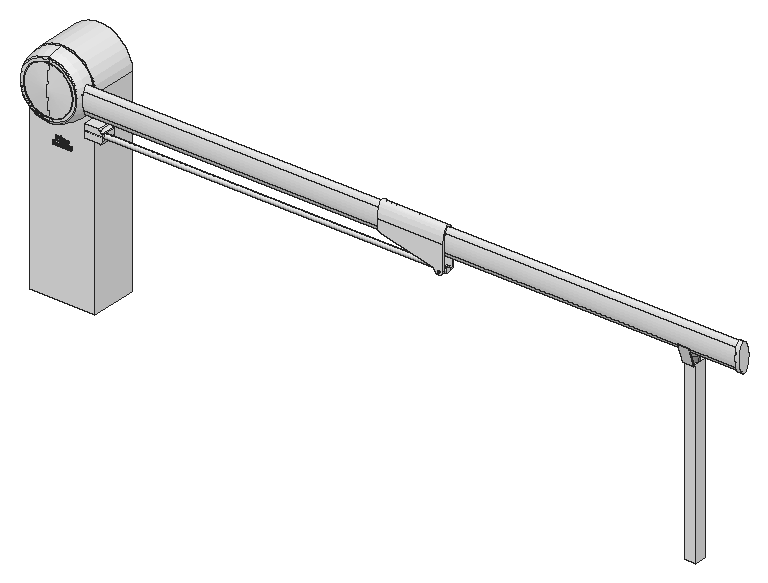
Revit family "Automatic Barrier-Ditec-Qik7EH", category Electrical Fixtures, Revit 2014 (continued)
Definition of nested family "Ditec_Qik7EH_Barrier_Arm"
  Forms (mm)
    Sweep 10, solid, material "Qik7EH_aluminium", visible <- "Closed With Joint", detail levels medium+fine
      profile "Qik7EH_barrier_joint_profile : Qik7EH_barrier_joint_profile" origin (1650, 0, 0) x (0, 0, -1) y (0, -1, 0)
        loop
          spline (0, 28) -> (-17.131, 27.131) -> (-33.147, 24.579) -> (-47.039, 20.478) -> (-57.954, 14.997) -> (-65.25, 8.187) -> (-68, 0) -> (-65.25, -8.187) -> (-57.954, -14.997) -> (-47.039, -20.478) -> (-33.147, -24.579) -> (-17.131, -27.131) -> (0, -28)
          line (0, -28) -> (140, -28) -> (140, -25) -> (0, -25)
    Sweep 11, void
      path origin (0, 0, 0) x (0, 1, 0) y (0, 0, 1)
        loop
          line (28, -110) -> (-28, -110)
      profile origin (0, 0, -110) x (0, 0, -1) y (1, 0, 0)
        loop
          line (50, 1800) -> (0, 1800)
          arc (0, 1800) -> (19.814, 1782.72) -> (5.39, 1760.74) r 20
          arc (5.39, 1760.74) -> (0.916, 1758.082) -> (-1.616, 1753.535) r 10
          line (-1.616, 1753.535) -> (-55.676, 1519.376)
          arc (-55.676, 1519.376) -> (-64.472, 1505.435) -> (-80.035, 1500) r 25
          line (-80.035, 1500) -> (50, 1500) -> (50, 1800)
    Sweep 12, solid, material "Qik7EH_aluminium", visible <- "Opened With Joint", detail levels medium+fine
      path origin (-660, 0, 660) x (1, 0, 0) y (0, 0, 1)
        loop
          line (900, 990) -> (600, 990)
      profile "Qik7EH_barrier_joint_profile : Qik7EH_barrier_joint_profile" origin (90, 0, 1650) x (0, 0, -1) y (0, -1, 0)
        loop
          spline (0, -25) -> (-16.823, -24.148) -> (-32.5, -21.651) -> (-45.962, -17.678) -> (-56.292, -12.5) -> (-62.785, -6.47) -> (-65, 0) -> (-62.785, 6.47) -> (-56.292, 12.5) -> (-45.962, 17.678) -> (-32.5, 21.651) -> (-16.823, 24.148) -> (0, 25)
          line (0, 25) -> (140, 25) -> (140, 28) -> (0, 28)
          spline (0, 28) -> (-17.131, 27.131) -> (-33.147, 24.579) -> (-47.039, 20.478) -> (-57.954, 14.997) -> (-65.25, 8.187) -> (-68, 0) -> (-65.25, -8.187) -> (-57.954, -14.997) -> (-47.039, -20.478) -> (-33.147, -24.579) -> (-17.131, -27.131) -> (0, -28)
          line (0, -28) -> (140, -28) -> (140, -25) -> (0, -25)
    Sweep 13, void
      path origin (-660, 0, 660) x (0, 1, 0) y (0, 0, 1)
        loop
          line (28, 790) -> (-28, 790)
      profile origin (-660, 0, 1450) x (0, 0, -1) y (1, 0, 0)
        loop
          line (-40, 900) -> (-90, 900)
          arc (-90, 900) -> (-70.186, 882.72) -> (-84.61, 860.74) r 20
          arc (-84.61, 860.74) -> (-89.084, 858.082) -> (-91.616, 853.535) r 10
          line (-91.616, 853.535) -> (-145.676, 619.376)
          arc (-145.676, 619.376) -> (-154.472, 605.435) -> (-170.035, 600) r 25
          line (-170.035, 600) -> (-40, 600) -> (-40, 900)
    Sweep 14, solid, material "Qik7EH_aluminium", visible <- "Opened With Joint", detail levels coarse
      path origin (0, 0, 0) x (1, 0, 0) y (0, 0, 1)
        loop
          line (0, 150) -> (0, 1690)
      profile origin (0, 0, 920) x (-1, 0, 0) y (0, -1, 0)
        loop
          line (60, -20) -> (60, 20) -> (-60, 20) -> (-60, -20) -> (60, -20)
    Sweep 15, solid, visible <- "Opened With Joint", detail levels fine
      path origin (0, 0, 0) x (1, 0, 0) y (0, 0, 1)
        loop
          line (80, 1650) -> (1480, 1650)
      profile "Qik7EH_barrier_arm_profile : Qik7EH_barrier_arm_profile" origin (780, 0, 1650) x (0, 0, 1) y (0, -1, 0)
        loop
          spline (40, 14.907) -> (34.279, 16.415) -> (28.051, 17.68) -> (21.409, 18.683) -> (14.451, 19.411) -> (7.279, 19.852) -> (0, 20) -> (-7.279, 19.852) -> (-14.451, 19.411) -> (-21.409, 18.683) -> (-28.051, 17.68) -> (-34.279, 16.415) -> (-40, 14.907)
          spline (-40, 14.907) -> (-45.856, 12.898) -> (-50.813, 10.636) -> (-54.772, 8.165) -> (-57.657, 5.534) -> (-59.411, 2.794) -> (-60, 0) -> (-59.411, -2.794) -> (-57.657, -5.534) -> (-54.772, -8.165) -> (-50.813, -10.636) -> (-45.856, -12.898) -> (-40, -14.907)
          spline (-40, -14.907) -> (-34.279, -16.415) -> (-28.051, -17.68) -> (-21.409, -18.683) -> (-14.451, -19.411) -> (-7.279, -19.852) -> (0, -20) -> (7.279, -19.852) -> (14.451, -19.411) -> (21.409, -18.683) -> (28.051, -17.68) -> (34.279, -16.415) -> (40, -14.907)
          spline (40, -14.907) -> (45.856, -12.898) -> (50.813, -10.636) -> (54.772, -8.165) -> (57.657, -5.534) -> (59.411, -2.794) -> (60, 0) -> (59.411, 2.794) -> (57.657, 5.534) -> (54.772, 8.165) -> (50.813, 10.636) -> (45.856, 12.898) -> (40, 14.907)
    Sweep 16, solid, material "Qik7EH_aluminium", visible <- "Opened With Joint", detail levels fine
      path origin (0, 0, 0) x (1, 0, 0) y (0, 0, 1)
        loop
          line (1500, 1650) -> (1480, 1650)
      profile "Qik7EH_barrier_arm_cap_profile : Qik7EH_barrier_arm_cap_profile" origin (1490, 0, 1650) x (0, 0, -1) y (0, -1, 0)
        loop
          spline (65, 0) -> (62.785, 6.47) -> (56.292, 12.5) -> (45.962, 17.678) -> (32.5, 21.651) -> (16.823, 24.148) -> (0, 25) -> (-16.823, 24.148) -> (-32.5, 21.651) -> (-45.962, 17.678) -> (-56.292, 12.5) -> (-62.785, 6.47) -> (-65, 0)
          spline (-65, 0) -> (-62.785, -6.47) -> (-56.292, -12.5) -> (-45.962, -17.678) -> (-32.5, -21.651) -> (-16.823, -24.148) -> (0, -25) -> (16.823, -24.148) -> (32.5, -21.651) -> (45.962, -17.678) -> (56.292, -12.5) -> (62.785, -6.47) -> (65, 0)
    Sweep 17, solid, material "Qik7EH_aluminium", visible <- "Opened With Joint", detail levels medium
      path origin (0, 0, 0) x (1, 0, 0) y (0, 0, 1)
        loop
          line (0, 150) -> (0, 1690)
      profile "Qik7EH_barrier_arm_profile : Qik7EH_barrier_arm_profile" origin (0, 0, 920) x (-1, 0, 0) y (0, -1, 0)
        loop
          spline (40, 14.907) -> (34.279, 16.415) -> (28.051, 17.68) -> (21.409, 18.683) -> (14.451, 19.411) -> (7.279, 19.852) -> (0, 20) -> (-7.279, 19.852) -> (-14.451, 19.411) -> (-21.409, 18.683) -> (-28.051, 17.68) -> (-34.279, 16.415) -> (-40, 14.907)
          spline (-40, 14.907) -> (-45.856, 12.898) -> (-50.813, 10.636) -> (-54.772, 8.165) -> (-57.657, 5.534) -> (-59.411, 2.794) -> (-60, 0) -> (-59.411, -2.794) -> (-57.657, -5.534) -> (-54.772, -8.165) -> (-50.813, -10.636) -> (-45.856, -12.898) -> (-40, -14.907)
          spline (-40, -14.907) -> (-34.279, -16.415) -> (-28.051, -17.68) -> (-21.409, -18.683) -> (-14.451, -19.411) -> (-7.279, -19.852) -> (0, -20) -> (7.279, -19.852) -> (14.451, -19.411) -> (21.409, -18.683) -> (28.051, -17.68) -> (34.279, -16.415) -> (40, -14.907)
          spline (40, -14.907) -> (45.856, -12.898) -> (50.813, -10.636) -> (54.772, -8.165) -> (57.657, -5.534) -> (59.411, -2.794) -> (60, 0) -> (59.411, 2.794) -> (57.657, 5.534) -> (54.772, 8.165) -> (50.813, 10.636) -> (45.856, 12.898) -> (40, 14.907)
    Sweep 18, solid, material "Qik7EH_aluminium", visible <- "Opened With Joint", detail levels medium
      path origin (0, 0, 0) x (1, 0, 0) y (0, 0, 1)
        loop
          line (80, 1650) -> (1500, 1650)
      profile "Qik7EH_barrier_arm_profile : Qik7EH_barrier_arm_profile" origin (790, 0, 1650) x (0, 0, 1) y (0, -1, 0)
        loop
          spline (40, 14.907) -> (34.279, 16.415) -> (28.051, 17.68) -> (21.409, 18.683) -> (14.451, 19.411) -> (7.279, 19.852) -> (0, 20) -> (-7.279, 19.852) -> (-14.451, 19.411) -> (-21.409, 18.683) -> (-28.051, 17.68) -> (-34.279, 16.415) -> (-40, 14.907)
          spline (-40, 14.907) -> (-45.856, 12.898) -> (-50.813, 10.636) -> (-54.772, 8.165) -> (-57.657, 5.534) -> (-59.411, 2.794) -> (-60, 0) -> (-59.411, -2.794) -> (-57.657, -5.534) -> (-54.772, -8.165) -> (-50.813, -10.636) -> (-45.856, -12.898) -> (-40, -14.907)
          spline (-40, -14.907) -> (-34.279, -16.415) -> (-28.051, -17.68) -> (-21.409, -18.683) -> (-14.451, -19.411) -> (-7.279, -19.852) -> (0, -20) -> (7.279, -19.852) -> (14.451, -19.411) -> (21.409, -18.683) -> (28.051, -17.68) -> (34.279, -16.415) -> (40, -14.907)
          spline (40, -14.907) -> (45.856, -12.898) -> (50.813, -10.636) -> (54.772, -8.165) -> (57.657, -5.534) -> (59.411, -2.794) -> (60, 0) -> (59.411, 2.794) -> (57.657, 5.534) -> (54.772, 8.165) -> (50.813, 10.636) -> (45.856, 12.898) -> (40, 14.907)
    Sweep 19, solid, visible <- "Opened With Joint", detail levels fine
      path origin (0, 0, 0) x (1, 0, 0) y (0, 0, 1)
        loop
          line (0, 150) -> (0, 1690)
      profile "Qik7EH_barrier_arm_profile : Qik7EH_barrier_arm_profile" origin (0, 0, 920) x (-1, 0, 0) y (0, -1, 0)
        loop
          spline (40, 14.907) -> (34.279, 16.415) -> (28.051, 17.68) -> (21.409, 18.683) -> (14.451, 19.411) -> (7.279, 19.852) -> (0, 20) -> (-7.279, 19.852) -> (-14.451, 19.411) -> (-21.409, 18.683) -> (-28.051, 17.68) -> (-34.279, 16.415) -> (-40, 14.907)
          spline (-40, 14.907) -> (-45.856, 12.898) -> (-50.813, 10.636) -> (-54.772, 8.165) -> (-57.657, 5.534) -> (-59.411, 2.794) -> (-60, 0) -> (-59.411, -2.794) -> (-57.657, -5.534) -> (-54.772, -8.165) -> (-50.813, -10.636) -> (-45.856, -12.898) -> (-40, -14.907)
          spline (-40, -14.907) -> (-34.279, -16.415) -> (-28.051, -17.68) -> (-21.409, -18.683) -> (-14.451, -19.411) -> (-7.279, -19.852) -> (0, -20) -> (7.279, -19.852) -> (14.451, -19.411) -> (21.409, -18.683) -> (28.051, -17.68) -> (34.279, -16.415) -> (40, -14.907)
          spline (40, -14.907) -> (45.856, -12.898) -> (50.813, -10.636) -> (54.772, -8.165) -> (57.657, -5.534) -> (59.411, -2.794) -> (60, 0) -> (59.411, 2.794) -> (57.657, 5.534) -> (54.772, 8.165) -> (50.813, 10.636) -> (45.856, 12.898) -> (40, 14.907)
    Sweep 20, solid, material "Qik7EH_aluminium", visible <- "Opened With Joint", detail levels coarse
      path origin (0, 0, 0) x (1, 0, 0) y (0, 0, 1)
        loop
          line (80, 1650) -> (1500, 1650)
      profile origin (790, 0, 1650) x (0, 0, 1) y (0, -1, 0)
        loop
          line (60, 0) -> (60, 20) -> (-60, 20) -> (-60, -20) -> (60, -20) -> (60, 0)
    Sweep 21, solid, material "Qik7EH_aluminium", visible <- "Closed Barrier Arm", detail levels medium
      path origin (0, 0, 0) x (1, 0, 0) y (0, 0, 1)
        loop
          line (150, 0) -> (3150, 0)
      profile "Qik7EH_barrier_arm_profile : Qik7EH_barrier_arm_profile" origin (1650, 0, 0) x (0, 0, 1) y (0, -1, 0)
        loop
          spline (40, 14.907) -> (34.279, 16.415) -> (28.051, 17.68) -> (21.409, 18.683) -> (14.451, 19.411) -> (7.279, 19.852) -> (0, 20) -> (-7.279, 19.852) -> (-14.451, 19.411) -> (-21.409, 18.683) -> (-28.051, 17.68) -> (-34.279, 16.415) -> (-40, 14.907)
          spline (-40, 14.907) -> (-45.856, 12.898) -> (-50.813, 10.636) -> (-54.772, 8.165) -> (-57.657, 5.534) -> (-59.411, 2.794) -> (-60, 0) -> (-59.411, -2.794) -> (-57.657, -5.534) -> (-54.772, -8.165) -> (-50.813, -10.636) -> (-45.856, -12.898) -> (-40, -14.907)
          spline (-40, -14.907) -> (-34.279, -16.415) -> (-28.051, -17.68) -> (-21.409, -18.683) -> (-14.451, -19.411) -> (-7.279, -19.852) -> (0, -20) -> (7.279, -19.852) -> (14.451, -19.411) -> (21.409, -18.683) -> (28.051, -17.68) -> (34.279, -16.415) -> (40, -14.907)
          spline (40, -14.907) -> (45.856, -12.898) -> (50.813, -10.636) -> (54.772, -8.165) -> (57.657, -5.534) -> (59.411, -2.794) -> (60, 0) -> (59.411, 2.794) -> (57.657, 5.534) -> (54.772, 8.165) -> (50.813, 10.636) -> (45.856, 12.898) -> (40, 14.907)
    Sweep 22, solid, visible <- "Opened With Joint", detail levels fine
      path origin (0, 0, 0) x (1, 0, 0) y (0, 0, 1)
        loop
          line (0, 150) -> (0, 1690)
      profile "Qik7EH_barrier_arm_profile : Qik7EH_barrier_arm_profile" origin (0, 0, 920) x (-1, 0, 0) y (0, -1, 0)
        loop
          spline (40, 14.907) -> (34.279, 16.415) -> (28.051, 17.68) -> (21.409, 18.683) -> (14.451, 19.411) -> (7.279, 19.852) -> (0, 20) -> (-7.279, 19.852) -> (-14.451, 19.411) -> (-21.409, 18.683) -> (-28.051, 17.68) -> (-34.279, 16.415) -> (-40, 14.907)
          spline (-40, 14.907) -> (-45.856, 12.898) -> (-50.813, 10.636) -> (-54.772, 8.165) -> (-57.657, 5.534) -> (-59.411, 2.794) -> (-60, 0) -> (-59.411, -2.794) -> (-57.657, -5.534) -> (-54.772, -8.165) -> (-50.813, -10.636) -> (-45.856, -12.898) -> (-40, -14.907)
          spline (-40, -14.907) -> (-34.279, -16.415) -> (-28.051, -17.68) -> (-21.409, -18.683) -> (-14.451, -19.411) -> (-7.279, -19.852) -> (0, -20) -> (7.279, -19.852) -> (14.451, -19.411) -> (21.409, -18.683) -> (28.051, -17.68) -> (34.279, -16.415) -> (40, -14.907)
          spline (40, -14.907) -> (45.856, -12.898) -> (50.813, -10.636) -> (54.772, -8.165) -> (57.657, -5.534) -> (59.411, -2.794) -> (60, 0) -> (59.411, 2.794) -> (57.657, 5.534) -> (54.772, 8.165) -> (50.813, 10.636) -> (45.856, 12.898) -> (40, 14.907)
    Sweep 23, solid, material "Qik7EH_aluminium", visible <- "Closed With Joint", detail levels coarse
      path origin (0, 0, 0) x (1, 0, 0) y (0, 0, 1)
        loop
          line (1500, 0) -> (1800, 0)
      profile origin (1650, 0, 0) x (0, 0, 1) y (0, -1, 0)
        loop
          line (68, -28) -> (68, 28) -> (-130, 28) -> (-130, -28) -> (68, -28)
    Sweep 24, solid, material "Qik7EH_aluminium", visible <- "Opened With Joint", detail levels coarse
      path origin (0, 0, 0) x (1, 0, 0) y (0, 0, 1)
        loop
          line (240, 1650) -> (-60, 1650)
      profile origin (90, 0, 1650) x (0, 0, -1) y (0, -1, 0)
        loop
          line (130, -28) -> (130, 28) -> (-68, 28) -> (-68, -28) -> (130, -28)
    Sweep 25, solid, material "Qik7EH_aluminium", visible <- "Closed With Joint"
      path origin (0, 0, 0) x (1, 0, 0) y (0, 0, 1)
        loop
          line (1800, -116.233) -> (150, -116.233)
      profile origin (975, 0, -116.233) x (0, 0, -1) y (0, -1, 0)
        loop
          circle (0, 0) r 10
    Sweep 26, solid, material "Qik7EH_aluminium", visible <- "Closed With Joint", detail levels medium+fine
      path origin (0, 0, 0) x (1, 0, 0) y (0, 1, 0)
        loop
          line (1753.535, -30.009) -> (1753.535, 29.991)
      profile origin (1753.535, -0.009, 0) x (-1, 0, 0) y (0, 0, 1)
        loop
          circle (-27.05, -116.233) r 4
    Sweep 27, solid, material "Qik7EH_aluminium", visible <- "Opened With Joint"
      path origin (0, 0, 0) x (1, 0, 0) y (0, 0, 1)
        loop
          line (220.585, 1537.767) -> (220.585, -116.233)
      profile origin (220.585, 0, 710.767) x (0, -1, 0) y (1, 0, 0)
        loop
          circle (0, 0) r 10
    Sweep 28, solid, material "Qik7EH_aluminium", visible <- "With Joint", detail levels medium+fine
      path origin (1026.585, -1524, -116.233) x (0, -1, 0) y (1, 0, 0)
        loop
          line (-1574.4, -876.585) -> (-1512.327, -876.585)
      profile origin (150, 19.364, -116.233) x (1, 0, 0) y (0, 0, 1)
        loop
          line (0, 25) -> (0, -35) -> (70, -35)
          arc (70, -35) -> (80.607, -30.607) -> (85, -20) r 15
          line (85, -20) -> (85, 7.223)
          arc (85, 7.223) -> (84.162, 9.588) -> (82.021, 10.896) r 3.755
          arc (82.021, 10.896) -> (74.844, 14.771) -> (70.918, 21.921) r 14.415
          arc (70.918, 21.921) -> (69.548, 24.135) -> (67.093, 25) r 3.916
          line (67.093, 25) -> (0, 25)
    Sweep 29, solid, material "Qik7EH_aluminium", visible <- "Opened With Joint", detail levels medium+fine
      path origin (220.585, -1524, 779.767) x (0, 0, 1) y (0, -1, 0)
        loop
          line (754, -1554) -> (754, -1494)
      profile origin (220.585, 0, 1533.767) x (0, 0, -1) y (1, 0, 0)
        loop
          circle (0, 0) r 4
  Cuts and joins
    Sweep 11, Sweep 13 cuts Sweep 10
    Sweep 13 cuts Sweep 1
    Sweep 13 cuts Sweep 12
  Lines and regions (mm)
    Masking region 1, visible <- "Opened Without Joint"
      outline origin (0, 0, 0) x (1, 0, 0) y (0, 0, 1)
        loop
          line (-60, 150) -> (60, 150) -> (60, 3130) -> (65, 3130) -> (65, 3150) -> (-65, 3150) -> (-65, 3130) -> (-60, 3130) -> (-60, 150)
    Masking region 2, visible <- "Closed Barrier Arm"
      outline origin (0, 0, 0) x (1, 0, 0) y (0, 0, 1)
        loop
          line (3130, 60) -> (1800, 60) -> (1500, 60) -> (150, 60) -> (150, -60) -> (1543.962, -60) -> (1800, -60) -> (3130, -60) -> (3130, -65) -> (3150, -65) -> (3150, 65) -> (3130, 65) -> (3130, 60)
    Masking region 3, visible <- "Closed With Joint", detail levels medium+fine
      outline origin (0, 0, 0) x (1, 0, 0) y (0, 0, 1)
        loop
          line (1519.376, -54.324) -> (1753.535, -108.384)
          arc (1753.535, -108.384) -> (1758.082, -110.916) -> (1760.74, -115.39) r 10
          arc (1760.74, -115.39) -> (1782.72, -129.814) -> (1800, -110) r 20
          line (1800, -110) -> (1800, 68) -> (1500, 68) -> (1500, -29.965)
          arc (1500, -29.965) -> (1505.435, -45.528) -> (1519.376, -54.324) r 25
    Masking region 4, visible <- "Closed With Joint", detail levels coarse
      outline origin (0, 0, 0) x (1, 0, 0) y (0, 0, 1)
        loop
          line (1500, 68) -> (1500, -130) -> (1800, -130) -> (1800, 68) -> (1500, 68)
    Masking region 5, visible <- "With Joint"
      outline origin (0, 0, 0) x (1, 0, 0) y (0, 0, 1)
        loop
          line (150, -151.233) -> (220, -151.233)
          arc (220, -151.233) -> (230.607, -146.84) -> (235, -136.233) r 15
          line (235, -136.233) -> (235, -109.011)
          arc (235, -109.011) -> (234.162, -106.646) -> (232.021, -105.337) r 3.755
          arc (232.021, -105.337) -> (224.844, -101.462) -> (220.918, -94.313) r 14.415
          arc (220.918, -94.313) -> (219.548, -92.099) -> (217.093, -91.233) r 3.916
          line (217.093, -91.233) -> (150, -91.233) -> (150, -151.233)
    Masking region 6, visible <- "Closed With Joint", detail levels medium+fine
      outline origin (0, 0, 0) x (1, 0, 0) y (0, 0, 1)
        loop
          line (235, -106.233) -> (235, -126.233) -> (1768.318, -126.233)
          arc (1768.318, -126.233) -> (1763.606, -121.456) -> (1760.74, -115.39) r 20
          arc (1760.74, -115.39) -> (1758.082, -110.916) -> (1753.535, -108.384) r 10
          line (1753.535, -108.384) -> (1744.22, -106.233) -> (235, -106.233)
    Masking region 7, visible <- "Opened With Joint"
      outline origin (0, 0, 0) x (1, 0, 0) y (0, 0, 1)
        loop
          line (210.585, 1520) -> (210.585, -91.233) -> (217.093, -91.233)
          arc (217.093, -91.233) -> (219.548, -92.099) -> (220.918, -94.313) r 3.916
          arc (220.918, -94.313) -> (224.33, -100.925) -> (230.585, -104.955) r 14.415
          line (230.585, -104.955) -> (230.585, 1520) -> (210.585, 1520)
    Masking region 8, visible <- "Opened With Joint", detail levels medium+fine
      outline origin (0, 0, 0) x (1, 0, 0) y (0, 0, 1)
        loop
          line (-40.624, 1595.676) -> (193.535, 1541.616)
          arc (193.535, 1541.616) -> (198.082, 1539.084) -> (200.74, 1534.61) r 10
          arc (200.74, 1534.61) -> (222.72, 1520.186) -> (240, 1540) r 20
          line (240, 1540) -> (240, 1718) -> (-60, 1718) -> (-60, 1620.035)
          arc (-60, 1620.035) -> (-54.565, 1604.472) -> (-40.624, 1595.676) r 25
    Masking region 9, visible <- "Opened With Joint", detail levels coarse
      outline origin (0, 0, 0) x (1, 0, 0) y (0, 0, 1)
        loop
          line (-60, 1520) -> (240, 1520) -> (240, 1718) -> (-60, 1718) -> (-60, 1520)
    Masking region 10, visible <- "Opened With Joint", detail levels medium+fine
      outline origin (0, 0, 0) x (1, 0, 0) y (0, 0, 1)
        loop
          line (-60, 150) -> (60, 150) -> (60, 1572.445) -> (-40.624, 1595.676)
          arc (-40.624, 1595.676) -> (-54.565, 1604.472) -> (-60, 1620.035) r 25
          line (-60, 1620.035) -> (-60, 150)
    Masking region 11, visible <- "Opened With Joint"
      outline origin (0, 0, 0) x (1, 0, 0) y (0, 0, 1)
        loop
          line (240, 1710) -> (240, 1590) -> (1480, 1590) -> (1480, 1585) -> (1500, 1585) -> (1500, 1715) -> (1480, 1715) -> (1480, 1710) -> (240, 1710)
    Masking region 12, visible <- "Opened With Joint", detail levels coarse
      outline origin (0, 0, 0) x (1, 0, 0) y (0, 0, 1)
        loop
          line (-60, 150) -> (60, 150) -> (60, 1520) -> (-60, 1520) -> (-60, 150)
    Masking region 13, visible <- "Closed With Joint", detail levels coarse
      outline origin (0, 0, 0) x (1, 0, 0) y (0, 0, 1)
        loop
          line (235, -126.233) -> (1500, -126.233) -> (1500, -106.233) -> (235, -106.233) -> (235, -126.233)
    Masking region 14, visible <- "Closed Barrier Arm", detail levels medium+fine
      outline origin (0, 0, 0) x (0, 1, 0) y (0, 0, 1)
        loop
          spline (0, -60) -> (5.176, -57.956) -> (10, -51.962) -> (14.142, -42.426) -> (17.321, -30) -> (19.319, -15.529) -> (20, 0) -> (19.319, 15.529) -> (17.321, 30) -> (14.142, 42.426) -> (10, 51.962) -> (5.176, 57.956) -> (0, 60)
          spline (0, 60) -> (-5.176, 57.956) -> (-10, 51.962) -> (-14.142, 42.426) -> (-17.321, 30) -> (-19.319, 15.529) -> (-20, 0) -> (-19.319, -15.529) -> (-17.321, -30) -> (-14.142, -42.426) -> (-10, -51.962) -> (-5.176, -57.956) -> (0, -60)
    Masking region 15, visible <- "Closed Barrier Arm", detail levels coarse
      outline origin (0, 0, 0) x (0, 1, 0) y (0, 0, 1)
        loop
          line (20, 60) -> (-20, 60) -> (-20, -60) -> (20, -60) -> (20, 60)
    Masking region 16, visible <- "Closed Barrier Arm"
      outline origin (0, 0, 0) x (1, 0, 0) y (0, 1, 0)
        loop
          line (3130, 20) -> (150, 20) -> (150, -20) -> (3130, -20) -> (3130, -25) -> (3150, -25) -> (3150, 25) -> (3130, 25) -> (3130, 20)
    Masking region 17, visible <- "Closed With Joint"
      outline origin (0, 0, 0) x (1, 0, 0) y (0, 1, 0)
        loop
          line (1500, 28) -> (1500, -28) -> (1800, -28) -> (1800, 28) -> (1500, 28)
    Masking region 18, visible <- "Opened With Joint"
      outline origin (0, 0, 0) x (1, 0, 0) y (0, 1, 0)
        loop
          line (240, -20) -> (1480, -20) -> (1480, -25) -> (1500, -25) -> (1500, 25) -> (1480, 25) -> (1480, 20) -> (240, 20) -> (240, -20)
    Masking region 19, visible <- "Opened With Joint"
      outline origin (0, 0, 0) x (1, 0, 0) y (0, 1, 0)
        loop
          line (-60, 28) -> (-60, -28) -> (240, -28) -> (240, 28) -> (-60, 28)
    Masking region 20, visible <- "Opened Without Joint", detail levels medium+fine
      outline origin (0, 0, 0) x (1, 0, 0) y (0, 1, 0)
        loop
          spline (60, 0) -> (57.956, 5.176) -> (51.962, 10) -> (42.426, 14.142) -> (30, 17.321) -> (15.529, 19.319) -> (0, 20) -> (-15.529, 19.319) -> (-30, 17.321) -> (-42.426, 14.142) -> (-51.962, 10) -> (-57.956, 5.176) -> (-60, 0)
          spline (-60, 0) -> (-57.956, -5.176) -> (-51.962, -10) -> (-42.426, -14.142) -> (-30, -17.321) -> (-15.529, -19.319) -> (0, -20) -> (15.529, -19.319) -> (30, -17.321) -> (42.426, -14.142) -> (51.962, -10) -> (57.956, -5.176) -> (60, 0)
    Masking region 21, visible <- "Opened Without Joint", detail levels coarse
      outline origin (0, 0, 0) x (1, 0, 0) y (0, 1, 0)
        loop
          line (-60, -20) -> (60, -20) -> (60, 20) -> (-60, 20) -> (-60, -20)
    Masking region 22, visible <- "Opened Without Joint"
      outline origin (0, 0, 0) x (0, 1, 0) y (0, 0, 1)
        loop
          line (20, 150) -> (20, 3130) -> (25, 3130) -> (25, 3150) -> (-25, 3150) -> (-25, 3130) -> (-20, 3130) -> (-20, 150) -> (20, 150)
    Masking region 23, visible <- "Opened With Joint"
      outline origin (0, 0, 0) x (0, 1, 0) y (0, 0, 1)
        loop
          line (20, 150) -> (20, 1580) -> (-20, 1580) -> (-20, 150) -> (20, 150)
    Masking region 24, visible <- "Opened With Joint", detail levels medium+fine
      outline origin (0, 0, 1050) x (0, 1, 0) y (0, 0, 1)
        loop
          spline (0, 540) -> (5.176, 542.044) -> (10, 548.038) -> (14.142, 557.574) -> (17.321, 570) -> (19.319, 584.471) -> (20, 600) -> (19.319, 615.529) -> (17.321, 630) -> (14.142, 642.426) -> (10, 651.962) -> (5.176, 657.956) -> (0, 660)
          spline (0, 660) -> (-5.176, 657.956) -> (-10, 651.962) -> (-14.142, 642.426) -> (-17.321, 630) -> (-19.319, 615.529) -> (-20, 600) -> (-19.319, 584.471) -> (-17.321, 570) -> (-14.142, 557.574) -> (-10, 548.038) -> (-5.176, 542.044) -> (0, 540)
    Masking region 25, visible <- "Opened With Joint", detail levels coarse
      outline origin (0, 0, 1050) x (0, 1, 0) y (0, 0, 1)
        loop
          line (28, 668) -> (-28, 668) -> (-28, 470) -> (28, 470) -> (28, 668)
    Masking region 26, visible <- "Opened With Joint", detail levels coarse
      outline origin (0, 0, 1050) x (0, 1, 0) y (0, 0, 1)
        loop
          line (20, 660) -> (-20, 660) -> (-20, 540) -> (20, 540) -> (20, 660)
    Masking region 27, visible <- "Opened With Joint", detail levels medium+fine
      outline origin (0, 0, 1050) x (0, 1, 0) y (0, 0, 1)
        loop
          line (-28, 600) -> (-28, 470) -> (-25, 470) -> (-25, 600)
          spline (-25, 600) -> (-24.148, 616.823) -> (-21.651, 632.5) -> (-17.678, 645.962) -> (-12.5, 656.292) -> (-6.47, 662.785) -> (0, 665) -> (6.47, 662.785) -> (12.5, 656.292) -> (17.678, 645.962) -> (21.651, 632.5) -> (24.148, 616.823) -> (25, 600)
          line (25, 600) -> (25, 470) -> (28, 470) -> (28, 600)
          spline (28, 600) -> (27.131, 617.131) -> (24.579, 633.147) -> (20.478, 647.039) -> (14.997, 657.954) -> (8.187, 665.25) -> (0, 668) -> (-8.187, 665.25) -> (-14.997, 657.954) -> (-20.478, 647.039) -> (-24.579, 633.147) -> (-27.131, 617.131) -> (-28, 600)
        loop
          circle (0, 483.767) r 10
    Masking region 28, detail levels medium+fine
      outline origin (150, 260.4, 0) x (1, 0, 0) y (0, 1, 0)
        loop
          line (-300, 0) -> (-300, -210) -> (-285.225, -210) -> (-285.225, -215.405) -> (-297.225, -215.405)
          arc (-297.225, -215.405) -> (-292.3, -252.08) -> (-280.632, -287.197) r 197.831
          arc (-280.632, -287.197) -> (-279.148, -288.947) -> (-276.948, -289.601) r 4.024
          line (-276.948, -289.601) -> (-259.425, -289.601)
          arc (-259.425, -289.601) -> (-204.93, -296.977) -> (-150, -299.595) r 633.049
          arc (-150, -299.595) -> (-95.07, -296.977) -> (-40.575, -289.601) r 633.049
          line (-40.575, -289.601) -> (-23.052, -289.601)
          arc (-23.052, -289.601) -> (-20.852, -288.947) -> (-19.368, -287.197) r 4.024
          arc (-19.368, -287.197) -> (-7.7, -252.08) -> (-2.775, -215.405) r 197.831
          line (-2.775, -215.405) -> (-14.775, -215.405) -> (-14.775, -210) -> (0, -210) -> (0, 0) -> (-70, 0) -> (-70, 2.22)
          arc (-70, 2.22) -> (-70.803, 4.246) -> (-72.775, 5.173) r 2.96
          arc (-72.775, 5.173) -> (-101.286, 8.791) -> (-130, 10) r 341.651
          line (-130, 10) -> (-150, 10) -> (-170, 10)
          arc (-170, 10) -> (-198.714, 8.791) -> (-227.225, 5.173) r 341.651
          arc (-227.225, 5.173) -> (-229.197, 4.246) -> (-230, 2.22) r 2.96
          line (-230, 2.22) -> (-230, 0) -> (-300, 0)
    Masking region 29, detail levels coarse
      outline origin (150, 260.4, 0) x (1, 0, 0) y (0, 1, 0)
        loop
          line (-300, 0) -> (-300, -299.595) -> (0, -299.595) -> (0, 0) -> (-300, 0)
    Masking region 30, visible <- "Closed Barrier Arm", detail levels medium+fine
      outline origin (0, 0, 0) x (1, 0, 0) y (0, 1, 0)
        loop
          arc (142.681, 10) -> (140.166, -0.073) -> (137.126, -10) r 197.831
          line (137.126, -10) -> (150, -10) -> (150, 10) -> (142.681, 10)
    symbolic lines, visible <- "Closed Barrier Arm", detail levels fine
      curve 1: line (3130, 0, 60) -> (3130, 0, -60)
      curve 5: line (3130, 0, 60) -> (3130, 0, -60)
      curve 13: line (3130, 0, 40) -> (150, 0, 40)
      curve 14: line (3130, 0, -40) -> (150, 0, -40)
      curve 15: line (3130, -20, 0) -> (3130, 20, 0)
    symbolic lines, visible <- "Opened Without Joint", detail levels fine
      curve 2: line (-60, 0, 3130) -> (60, 0, 3130)
      curve 3: line (-40, 0, 3130) -> (-40, 0, 150)
      curve 4: line (40, 0, 3130) -> (40, 0, 150)
      curve 17: line (0, 20, 3130) -> (0, -20, 3130)
    symbolic lines, visible <- "Closed With Joint", detail levels fine
      curve 6: circle (1780.585, 0, -116.233) r 4 normal (0, -1, 0)
    symbolic lines, visible <- "Opened With Joint", detail levels fine
      curve 7: circle (220.585, 0, 1533.767) r 4 normal (0, -1, 0)
      curve 8: line (1480, 0, 1710) -> (1480, 0, 1590)
      curve 9: line (1480, 0, 1690) -> (240, 0, 1690)
      curve 10: line (1480, 0, 1610) -> (240, 0, 1610)
      curve 11: line (-40, 0, 150) -> (-40, 0, 1595.532)
      curve 12: line (40, 0, 150) -> (40, 0, 1577.063)
      curve 16: line (1480, -20, 0) -> (1480, 20, 0)
      curve 18: line (0, 29.991, 1529.767) -> (0, 29.991, 1537.767)
      curve 19: line (0, -30.009, 1529.767) -> (0, -30.009, 1537.767)
      curve 20: line (0, 29.991, 1537.767) -> (0, 28, 1537.767)
      curve 21: line (0, 29.991, 1529.767) -> (0, 28, 1529.767)
      curve 22: line (0, 25, 1537.767) -> (0, 9.165, 1537.767)
      curve 23: line (0, 25, 1529.767) -> (0, 9.165, 1529.767)
      curve 24: line (0, -28, 1537.767) -> (0, -30.009, 1537.767)
      curve 25: line (0, -28, 1529.767) -> (0, -30.009, 1529.767)
      curve 26: line (0, -9.165, 1537.767) -> (0, -25, 1537.767)
      curve 27: line (0, -9.165, 1529.767) -> (0, -25, 1529.767)
    symbolic lines, detail levels medium+fine
      curve 28: line (-80, 260.4, 0) -> (80, 260.4, 0)
      curve 31: line (-135.225, 44.995, 0) -> (134.775, 44.995, 0)
    symbolic lines, detail levels fine
      curve 29: line (-77.225, 265.573, 0) -> (77.225, 265.573, 0)
      curve 30: line (-135.225, 50.4, 0) -> (135.225, 50.4, 0)
      curve 32: line (-109.425, -29.201, 0) -> (109.425, -29.201, 0)
  Dimensions and locks
    locked: plane 3 "Center (Left/Right)" to plane 4 at 150
    locked: plane 1 "Center (Front/Back)" to plane 5 at 260
    "Arm Length Constraint": plane 4 to plane 6
    locked: Sweep 1 sketch curve to plane 6 at 20
    locked: Sweep 2 sketch curve to plane 6 at 20
    locked: plane 4 to Sweep 3 sketch curve at 70
    locked: plane 4 to plane 3 "Center (Left/Right)" at 150
    locked: plane 8 to plane 2 at 150
    "Arm Length Constraint": plane 9 to plane 8
    locked: plane 9 to Sweep 5 sketch curve at 20
    locked: plane 9 to Sweep 6 sketch curve at 20
    locked: plane 9 to Masking region 1 at 20
    equal spacing: Sweep 11 sketch curve, plane 1 "Center (Front/Back)", Sweep 11 sketch curve, locked at 28 each
    locked: plane 7 to Sweep 11 sketch curve at 110
    plane 10 to plane 12 to plane 11 = 150 mm locked, 150 mm locked
    equal spacing: plane 6, plane 12, plane 4
    Sweep 13 sketch curve to Sweep 13 sketch curve = 56 mm
    "Arm_Length/2": plane 13 to plane 8
    "Arm_Length/2": plane 14 to plane 3 "Center (Left/Right)"
    locked: plane 3 "Center (Left/Right)" to Sweep 12 sketch curve at 60
    locked: Sweep 12 sketch curve to plane 3 "Center (Left/Right)" at 240
    locked: Sweep 13 sketch curve to plane 13 at 200
    locked: Sweep 14 sketch curve to plane 13 at 40
    Sweep 15 sketch curve to plane 3 "Center (Left/Right)" = 80 mm
    locked: plane 14 to Sweep 15 sketch curve at 20
    locked: plane 14 to Sweep 16 sketch curve at 20
    locked: plane 4 to Sweep 20 sketch curve at 70
    locked: plane 4 to Sweep 18 sketch curve at 70
    locked: Sweep 17 sketch curve to plane 13 at 40
    locked: plane 4 to Sweep 17 sketch curve at 150
    Sweep 24 sketch curve to plane 4 to Sweep 24 sketch curve = 90 mm locked, 210 mm locked
    locked: Sweep 26 sketch curve to plane 10 at 46.465
    locked: plane 13 to Sweep 27 sketch curve at 112.233
    locked: plane 17 to Sweep 9 at 40.4
    locked: plane 16 to plane 3 "Center (Left/Right)" at 220.585
    locked: plane 13 to plane 18 at 116.233
    Sweep 29 sketch curve to plane 1 "Center (Front/Back)" to Sweep 29 sketch curve = 30 mm locked, 30 mm locked
    locked: plane 2 to plane 19 at 116.233
    locked: plane 10 to plane 20 at 19.415
    Masking region 11 sketch curve to plane 4 = 90 mm
    locked: plane 14 to Sweep 16 at 20
    locked: plane 13 to Masking region 7 sketch curve at 130
    locked: plane 13 to Masking region 10 sketch curve at 29.965
    locked: plane 13 to Masking region 10 sketch curve at 77.555
    locked: Masking region 11 sketch curve to plane 3 "Center (Left/Right)" at 240
    locked: plane 13 to Masking region 12 sketch curve at 130
    locked: plane 4 to Masking region 18 sketch curve at 90
    locked: plane 13 to Masking region 23 sketch curve at 70
    aligned and locked: level to plane 2
    aligned and locked: plane 1 "Center (Front/Back)" to Sweep 1 sketch curve
    aligned and locked: Sweep 2 sketch curve to plane 1 "Center (Front/Back)"
    aligned and locked: plane 7 to Sweep 3 sketch curve
    aligned and locked: plane 1 "Center (Front/Back)" to Sweep 4 sketch curve
    aligned and locked: plane 3 "Center (Left/Right)" to Sweep 5 sketch curve
    aligned and locked: plane 8 to Sweep 5 sketch curve
    aligned and locked: Sweep 6 sketch curve to plane 3 "Center (Left/Right)"
    aligned and locked: plane 3 "Center (Left/Right)" to Sweep 7 sketch curve
    aligned and locked: plane 3 "Center (Left/Right)" to Sweep 8 sketch curve
    aligned and locked: Sweep 9 sketch curve to plane 3 "Center (Left/Right)"
    aligned and locked: plane 9 to Masking region 1
    aligned and locked: Sweep 10 sketch curve to plane 7
    aligned and locked: plane 10 to Sweep 10 sketch curve
    aligned and locked: plane 11 to Sweep 10 sketch curve
    aligned and locked: Sweep 11 sketch curve to plane 11
    aligned and locked: Sweep 11 sketch curve to plane 10
    aligned and locked: plane 13 to Sweep 12 sketch curve
    aligned and locked: plane 3 "Center (Left/Right)" to Sweep 14 sketch curve
    aligned and locked: Sweep 15 sketch curve to plane 13
    aligned and locked: plane 13 to Sweep 16 sketch curve
    aligned and locked: plane 14 to Sweep 18 sketch curve
    aligned and locked: Sweep 18 sketch curve to plane 13
    aligned and locked: plane 14 to Sweep 20 sketch curve
    aligned and locked: Sweep 20 sketch curve to plane 13
    aligned and locked: Sweep 21 sketch curve to plane 7
    aligned and locked: plane 8 to Sweep 17 sketch curve
    aligned and locked: plane 7 to Sweep 23 sketch curve
    aligned and locked: plane 11 to Sweep 23 sketch curve
    aligned and locked: plane 10 to Sweep 23 sketch curve
    aligned and locked: plane 13 to Sweep 24 sketch curve
    aligned and locked: plane 4 to Sweep 25 sketch curve
    aligned and locked: plane 10 to Sweep 25 sketch curve
    aligned and locked: Sweep 25 sketch curve to plane 15
    aligned and locked: plane 15 to Sweep 27 sketch curve
    aligned and locked: Sweep 27 sketch curve to plane 16
    aligned and locked: Sweep 28 sketch curve to plane 4
    aligned and locked: plane 17 to Sweep 28 sketch curve
    aligned and locked: Sweep 29 sketch curve to plane 18
    aligned and locked: plane 6 to Masking region 2 sketch curve
    aligned and locked: plane 4 to Masking region 2 sketch curve
    aligned and locked: plane 10 to Masking region 4 sketch curve
    aligned and locked: Masking region 4 sketch curve to plane 11
    aligned and locked: plane 10 to Masking region 3 sketch curve
    aligned and locked: Masking region 3 sketch curve to plane 11
    aligned and locked: Sweep 8 to Masking region 8 sketch curve
    aligned and locked: Sweep 8 to Masking region 9 sketch curve
    aligned and locked: Masking region 10 sketch curve to plane 8
    aligned and locked: Masking region 11 sketch curve to plane 14
    aligned and locked: plane 11 to Masking region 13 sketch curve
    aligned and locked: Masking region 16 sketch curve to plane 6
    aligned and locked: Masking region 16 sketch curve to plane 4
    aligned and locked: Masking region 18 sketch curve to plane 14
    aligned and locked: Masking region 22 sketch curve to plane 9
    aligned and locked: Masking region 23 sketch curve to plane 8
  Automatic sketch dimensions
    curve 16 to plane 11 = 20 mm
    plane 1 "Center (Front/Back)" to curve 16 = 20 mm
    curve 15 to plane 6 = 20 mm
    plane 1 "Center (Front/Back)" to curve 15 = 20 mm
    curve 16 to plane 1 "Center (Front/Back)" = 20 mm
    curve 15 to plane 1 "Center (Front/Back)" = 20 mm
    Sweep 1 sketch curve to plane 4 = 0 mm
    Sweep 2 sketch curve to plane 6 = 0 mm
    Sweep 3 sketch curve to plane 4 = 0 mm
    Sweep 4 sketch curve to plane 4 = 0 mm
    Sweep 4 sketch curve to plane 6 = 0 mm
    Sweep 4 sketch curve to profile plane = 0 mm
    profile plane to Sweep 4 sketch curve = 20 mm
    Sweep 4 sketch curve to profile plane = 20 mm
    Sweep 4 sketch curve to level = 60 mm
    level to Sweep 4 sketch curve = 60 mm
    Sweep 9 sketch curve to plane 8 = 0 mm
    Sweep 9 sketch curve to plane 8 = 70 mm
    plane 1 "Center (Front/Back)" to Sweep 11 sketch curve = 28 mm
    Sweep 11 sketch curve to profile plane = 0 mm
    profile plane to Sweep 11 sketch curve = 1.616 mm
    profile plane to Sweep 11 sketch curve = 55.676 mm
    Sweep 11 sketch curve to Sweep 11 sketch curve = 24.359 mm
    Sweep 11 sketch curve to profile plane = 8.085 mm
    Sweep 11 sketch curve to profile plane = 50 mm
    Sweep 11 sketch curve to Sweep 11 sketch curve = 19.376 mm
    Sweep 11 sketch curve to Sweep 11 sketch curve = 5.624 mm
    Sweep 11 sketch curve to Sweep 11 sketch curve = 48.89 mm
    Sweep 11 sketch curve to Sweep 11 sketch curve = 2.425 mm
    Sweep 11 sketch curve to Sweep 11 sketch curve = 20 mm
    Sweep 11 sketch curve to Sweep 11 sketch curve = 0 mm
    plane 1 "Center (Front/Back)" to Sweep 13 sketch curve = 28 mm
    Sweep 13 sketch curve to plane 17 = 22.4 mm
    profile plane to Sweep 13 sketch curve = 170.035 mm
    Sweep 13 sketch curve to Sweep 13 sketch curve = 24.359 mm
    profile plane to Sweep 13 sketch curve = 91.616 mm
    Sweep 13 sketch curve to Sweep 13 sketch curve = 1.616 mm
    Sweep 13 sketch curve to Sweep 13 sketch curve = 9.701 mm
    profile plane to Sweep 13 sketch curve = 40 mm
    profile plane to Sweep 13 sketch curve = 600 mm
    Sweep 13 sketch curve to Sweep 13 sketch curve = 19.376 mm
    Sweep 13 sketch curve to Sweep 13 sketch curve = 5.624 mm
    Sweep 13 sketch curve to Sweep 13 sketch curve = 231.734 mm
    Sweep 13 sketch curve to Sweep 13 sketch curve = 2.425 mm
    Sweep 13 sketch curve to Sweep 13 sketch curve = 26.465 mm
    Sweep 13 sketch curve to Sweep 13 sketch curve = 20 mm
    Sweep 13 sketch curve to Sweep 13 sketch curve = 0 mm
    Sweep 14 sketch curve to plane 8 = 0 mm
    Sweep 16 sketch curve to plane 11 = 0 mm
    Sweep 19 sketch curve to plane 3 "Center (Left/Right)" = 0 mm
    Sweep 19 sketch curve to plane 8 = 0 mm
    plane 13 to Sweep 19 sketch curve = 40 mm
    Sweep 14 sketch curve to plane 1 "Center (Front/Back)" = 20 mm
    profile plane to Sweep 14 sketch curve = 60 mm
    plane 1 "Center (Front/Back)" to Sweep 14 sketch curve = 20 mm
    Sweep 14 sketch curve to profile plane = 60 mm
    Sweep 20 sketch curve to plane 1 "Center (Front/Back)" = 0 mm
    Sweep 20 sketch curve to plane 1 "Center (Front/Back)" = 20 mm
    profile plane to Sweep 20 sketch curve = 60 mm
    Sweep 20 sketch curve to profile plane = 60 mm
    plane 1 "Center (Front/Back)" to Sweep 20 sketch curve = 20 mm
    Sweep 21 sketch curve to plane 4 = 0 mm
    Sweep 21 sketch curve to plane 6 = 0 mm
    Sweep 22 sketch curve to plane 3 "Center (Left/Right)" = 0 mm
    Sweep 22 sketch curve to plane 8 = 0 mm
    plane 13 to Sweep 22 sketch curve = 40 mm
    plane 1 "Center (Front/Back)" to Sweep 23 sketch curve = 28 mm
    profile plane to Sweep 23 sketch curve = 130 mm
    Sweep 23 sketch curve to profile plane = 68 mm
    Sweep 23 sketch curve to plane 1 "Center (Front/Back)" = 28 mm
    Sweep 24 sketch curve to plane 1 "Center (Front/Back)" = 28 mm
    profile plane to Sweep 24 sketch curve = 68 mm
    plane 1 "Center (Front/Back)" to Sweep 24 sketch curve = 28 mm
    Sweep 24 sketch curve to profile plane = 130 mm
    Sweep 25 sketch curve to plane 1 "Center (Front/Back)" = 0 mm
    Sweep 25 sketch curve to profile plane = 0 mm
    plane 1 "Center (Front/Back)" to Sweep 26 sketch curve = 30.009 mm
    Sweep 26 sketch curve to plane 17 = 20.409 mm
    profile plane to Sweep 26 sketch curve = 27.05 mm
    Sweep 26 sketch curve to level = 116.233 mm
    plane 1 "Center (Front/Back)" to Sweep 27 sketch curve = 0 mm
    Sweep 27 sketch curve to profile plane = 0 mm
    plane 1 "Center (Front/Back)" to Sweep 28 sketch curve = 11.673 mm
    profile plane to Sweep 28 sketch curve = 0 mm
    Sweep 28 sketch curve to plane 15 = 21.084 mm
    Sweep 28 sketch curve to profile plane = 67.093 mm
    Sweep 28 sketch curve to Sweep 28 sketch curve = 2.907 mm
    Sweep 28 sketch curve to plane 15 = 7.223 mm
    Sweep 28 sketch curve to Sweep 28 sketch curve = 14.153 mm
    Sweep 28 sketch curve to Sweep 28 sketch curve = 15 mm
    Sweep 28 sketch curve to Sweep 28 sketch curve = 0 mm  (x2)
    plane 15 to Sweep 28 sketch curve = 20 mm
    Sweep 28 sketch curve to plane 15 = 25 mm
    Sweep 28 sketch curve to Sweep 28 sketch curve = 17.777 mm
    Sweep 29 sketch curve to plane 16 = 0 mm
    Sweep 29 sketch curve to profile plane = 0 mm
    Masking region 2 sketch curve to plane 11 = 0 mm
    Masking region 2 sketch curve to plane 10 = 0 mm  (x2)
    Masking region 2 sketch curve to plane 6 = 20 mm  (x2)
    Masking region 2 sketch curve to plane 15 = 51.233 mm
    Masking region 2 sketch curve to plane 15 = 56.233 mm  (x2)
    level to Masking region 2 sketch curve = 60 mm
    Masking region 2 sketch curve to Masking region 2 sketch curve = 5 mm
    plane 11 to Masking region 2 sketch curve = 43.962 mm
    Masking region 2 sketch curve to Masking region 2 sketch curve = 0 mm
    plane 11 to Masking region 3 sketch curve = 19.376 mm
    Masking region 3 sketch curve to Masking region 3 sketch curve = 5.624 mm
    plane 15 to Masking region 3 sketch curve = 1.852 mm
    Masking region 3 sketch curve to plane 20 = 29.475 mm
    Masking region 3 sketch curve to plane 15 = 7.849 mm
    Masking region 3 sketch curve to Masking region 3 sketch curve = 2.425 mm
    Masking region 3 sketch curve to plane 20 = 0.585 mm
    Masking region 3 sketch curve to plane 15 = 6.233 mm
    Masking region 3 sketch curve to level = 54.324 mm
    level to Masking region 3 sketch curve = 68 mm
    plane 15 to Masking region 4 sketch curve = 13.767 mm
    level to Masking region 4 sketch curve = 68 mm
    Masking region 5 sketch curve to plane 4 = 0 mm
    Masking region 5 sketch curve to plane 16 = 3.493 mm
    Masking region 5 sketch curve to plane 16 = 0.585 mm
    plane 16 to Masking region 5 sketch curve = 10.66 mm
    Masking region 5 sketch curve to Masking region 5 sketch curve = 3.755 mm
    plane 16 to Masking region 5 sketch curve = 14.415 mm
    plane 15 to Masking region 5 sketch curve = 35 mm
    Masking region 5 sketch curve to plane 15 = 7.223 mm
    Masking region 5 sketch curve to Masking region 5 sketch curve = 13.861 mm
    Masking region 5 sketch curve to Masking region 5 sketch curve = 3.916 mm
    Masking region 5 sketch curve to Masking region 5 sketch curve = 17.777 mm
    Masking region 5 sketch curve to Masking region 5 sketch curve = 0 mm
    plane 16 to Masking region 6 sketch curve = 14.415 mm
    Masking region 6 sketch curve to plane 15 = 10 mm
    Masking region 6 sketch curve to plane 20 = 36.365 mm
    plane 15 to Masking region 6 sketch curve = 1.852 mm
    Masking region 6 sketch curve to Masking region 6 sketch curve = 6.89 mm
    Masking region 6 sketch curve to plane 15 = 7.849 mm
    Masking region 6 sketch curve to Masking region 6 sketch curve = 9.315 mm
    Masking region 6 sketch curve to plane 20 = 12.268 mm
    Masking region 6 sketch curve to plane 20 = 0.585 mm
    plane 15 to Masking region 6 sketch curve = 10 mm
    Masking region 6 sketch curve to plane 15 = 6.233 mm
    Masking region 7 sketch curve to plane 16 = 10 mm
    Masking region 7 sketch curve to plane 16 = 3.493 mm
    plane 16 to Masking region 7 sketch curve = 10 mm
    plane 16 to Masking region 7 sketch curve = 14.415 mm
    Masking region 7 sketch curve to plane 15 = 25 mm
    Masking region 7 sketch curve to Masking region 7 sketch curve = 0 mm
    Masking region 7 sketch curve to Masking region 7 sketch curve = 3.916 mm
    Masking region 7 sketch curve to plane 15 = 11.278 mm
    Masking region 10 sketch curve to plane 3 "Center (Left/Right)" = 60 mm
    Masking region 10 sketch curve to Masking region 10 sketch curve = 19.376 mm
    Masking region 10 sketch curve to Masking region 10 sketch curve = 5.624 mm
    plane 3 "Center (Left/Right)" to Masking region 10 sketch curve = 60 mm
    Masking region 10 sketch curve to Masking region 10 sketch curve = 24.359 mm
    Masking region 10 sketch curve to Masking region 10 sketch curve = 0 mm
    Masking region 11 sketch curve to Masking region 11 sketch curve = 20 mm
    Masking region 11 sketch curve to plane 11 = 20 mm
    plane 18 to Masking region 11 sketch curve = 51.233 mm
    plane 18 to Masking region 11 sketch curve = 56.233 mm
    plane 13 to Masking region 11 sketch curve = 60 mm
    Masking region 11 sketch curve to Masking region 11 sketch curve = 5 mm
    Masking region 12 sketch curve to plane 8 = 0 mm
    Masking region 12 sketch curve to plane 3 "Center (Left/Right)" = 60 mm
    plane 3 "Center (Left/Right)" to Masking region 12 sketch curve = 60 mm
    plane 16 to Masking region 13 sketch curve = 14.415 mm
    plane 15 to Masking region 13 sketch curve = 10 mm
    Masking region 13 sketch curve to plane 15 = 10 mm
    Masking region 14 sketch curve to plane 1 "Center (Front/Back)" = 0 mm
    Masking region 14 sketch curve to level = 0 mm
    Masking region 14 sketch curve to plane 15 = 56.233 mm
    plane 1 "Center (Front/Back)" to Masking region 15 sketch curve = 20 mm
    Masking region 15 sketch curve to plane 1 "Center (Front/Back)" = 20 mm
    Masking region 15 sketch curve to plane 15 = 56.233 mm
    level to Masking region 15 sketch curve = 60 mm
    Masking region 16 sketch curve to plane 6 = 20 mm  (x2)
    plane 1 "Center (Front/Back)" to Masking region 16 sketch curve = 25 mm
    Masking region 16 sketch curve to Masking region 16 sketch curve = 5 mm  (x2)
    Masking region 16 sketch curve to plane 1 "Center (Front/Back)" = 20 mm
    Masking region 17 sketch curve to plane 11 = 0 mm
    Masking region 17 sketch curve to plane 10 = 0 mm
    plane 1 "Center (Front/Back)" to Masking region 17 sketch curve = 28 mm
    Masking region 17 sketch curve to plane 17 = 22.4 mm
    Masking region 18 sketch curve to plane 11 = 20 mm  (x2)
    plane 1 "Center (Front/Back)" to Masking region 18 sketch curve = 25 mm
    plane 1 "Center (Front/Back)" to Masking region 18 sketch curve = 20 mm
    Masking region 18 sketch curve to plane 1 "Center (Front/Back)" = 20 mm
    Masking region 18 sketch curve to Masking region 18 sketch curve = 5 mm
    plane 1 "Center (Front/Back)" to Masking region 19 sketch curve = 28 mm
    Masking region 19 sketch curve to plane 3 "Center (Left/Right)" = 60 mm
    plane 16 to Masking region 19 sketch curve = 19.415 mm
    Masking region 19 sketch curve to plane 17 = 22.4 mm
    plane 1 "Center (Front/Back)" to Masking region 20 sketch curve = 0 mm
    Masking region 20 sketch curve to plane 3 "Center (Left/Right)" = 0 mm
    plane 3 "Center (Left/Right)" to Masking region 20 sketch curve = 60 mm
    Masking region 21 sketch curve to plane 1 "Center (Front/Back)" = 20 mm
    Masking region 21 sketch curve to plane 3 "Center (Left/Right)" = 60 mm
    plane 3 "Center (Left/Right)" to Masking region 21 sketch curve = 60 mm
    plane 1 "Center (Front/Back)" to Masking region 21 sketch curve = 20 mm
    plane 1 "Center (Front/Back)" to Masking region 23 sketch curve = 20 mm
    Masking region 23 sketch curve to plane 1 "Center (Front/Back)" = 20 mm
    Masking region 24 sketch curve to plane 1 "Center (Front/Back)" = 0 mm
    Masking region 24 sketch curve to plane 13 = 0 mm
    plane 18 to Masking region 24 sketch curve = 56.233 mm
    plane 1 "Center (Front/Back)" to Masking region 25 sketch curve = 28 mm
    Masking region 25 sketch curve to plane 17 = 22.4 mm
    Masking region 25 sketch curve to plane 18 = 13.767 mm
    plane 13 to Masking region 25 sketch curve = 68 mm
    plane 1 "Center (Front/Back)" to Masking region 26 sketch curve = 20 mm
    Masking region 26 sketch curve to plane 1 "Center (Front/Back)" = 20 mm
    plane 18 to Masking region 26 sketch curve = 56.233 mm
    plane 13 to Masking region 26 sketch curve = 60 mm
    Masking region 27 sketch curve to plane 13 = 0 mm  (x2)
    Masking region 27 sketch curve to plane 1 "Center (Front/Back)" = 0 mm  (x2)
    Masking region 27 sketch curve to plane 18 = 0 mm
    plane 1 "Center (Front/Back)" to Masking region 27 sketch curve = 25 mm
    Masking region 27 sketch curve to Masking region 27 sketch curve = 3 mm  (x2)
    Masking region 27 sketch curve to plane 18 = 13.767 mm  (x2)
    plane 18 to Masking region 27 sketch curve = 51.233 mm
    plane 18 to curve 19 = 4 mm
    plane 1 "Center (Front/Back)" to curve 19 = 30.009 mm
    plane 18 to curve 20 = 4 mm
    curve 20 to plane 17 = 20.409 mm
    curve 18 to plane 18 = 4 mm
    curve 25 to plane 18 = 4 mm
    curve 19 to curve 24 = 2.009 mm
    curve 19 to curve 25 = 2.009 mm
    curve 24 to curve 26 = 3 mm
    curve 25 to curve 27 = 3 mm
    plane 1 "Center (Front/Back)" to curve 17 = 20 mm
    plane 18 to curve 26 = 4 mm
    plane 1 "Center (Front/Back)" to curve 26 = 9.165 mm
    curve 27 to curve 26 = 0 mm
    curve 23 to plane 18 = 4 mm
    curve 23 to plane 1 "Center (Front/Back)" = 9.165 mm
    plane 18 to curve 22 = 4 mm
    curve 22 to curve 23 = 0 mm
    curve 17 to plane 1 "Center (Front/Back)" = 20 mm
    curve 23 to curve 18 = 4.991 mm
    curve 22 to curve 18 = 4.991 mm
    curve 20 to curve 18 = 1.991 mm
    curve 21 to curve 18 = 1.991 mm
    curve 27 to plane 18 = 4 mm
    curve 17 to plane 9 = 20 mm
    curve 3 to plane 8 = 0 mm
    curve 11 to plane 8 = 0 mm
    curve 12 to plane 8 = 0 mm
    curve 4 to plane 8 = 0 mm
    curve 13 to plane 4 = 0 mm
    curve 14 to plane 4 = 0 mm
    curve 7 to plane 16 = 0 mm
    curve 6 to plane 15 = 0 mm
    curve 6 to plane 20 = 0 mm
    curve 7 to plane 18 = 0 mm
    curve 5 to plane 6 = 20 mm
    curve 1 to plane 15 = 56.233 mm
    level to curve 1 = 60 mm
    curve 2 to plane 9 = 20 mm
    plane 3 "Center (Left/Right)" to curve 2 = 60 mm
    plane 3 "Center (Left/Right)" to curve 12 = 40 mm
    curve 4 to curve 12 = 0 mm
    curve 11 to plane 3 "Center (Left/Right)" = 40 mm
    curve 3 to plane 3 "Center (Left/Right)" = 40 mm
    curve 2 to curve 3 = 20 mm
    plane 16 to curve 9 = 19.415 mm
    plane 16 to curve 10 = 19.415 mm
    curve 10 to plane 11 = 20 mm
    curve 1 to curve 14 = 20 mm
    curve 13 to curve 1 = 20 mm
    plane 18 to curve 12 = 43.296 mm
    plane 18 to curve 8 = 56.233 mm
    curve 11 to plane 13 = 54.468 mm
    curve 10 to plane 13 = 40 mm
    plane 13 to curve 9 = 40 mm
    curve 9 to curve 8 = 20 mm
    Sweep 6 sketch curve to plane 9 = 0 mm
    Sweep 7 sketch curve to plane 8 = 0 mm
    Sweep 7 sketch curve to plane 9 = 0 mm
    Sweep 8 sketch curve to plane 8 = 0 mm
    Sweep 8 sketch curve to plane 9 = 0 mm
    plane 1 "Center (Front/Back)" to Sweep 8 sketch curve = 0 mm
    plane 1 "Center (Front/Back)" to Sweep 8 sketch curve = 20 mm
    profile plane to Sweep 8 sketch curve = 60 mm
    Sweep 8 sketch curve to profile plane = 60 mm
    Sweep 8 sketch curve to plane 1 "Center (Front/Back)" = 20 mm
    Masking region 1 sketch curve to plane 9 = 0 mm
    Masking region 1 sketch curve to plane 8 = 0 mm
    Masking region 1 sketch curve to plane 3 "Center (Left/Right)" = 65 mm
    Masking region 1 sketch curve to plane 3 "Center (Left/Right)" = 60 mm
    plane 3 "Center (Left/Right)" to Masking region 1 sketch curve = 60 mm
    Masking region 1 sketch curve to Masking region 1 sketch curve = 5 mm
    Masking region 1 sketch curve to plane 9 = 20 mm  (x2)
    Masking region 8 sketch curve to Masking region 8 sketch curve = 19.376 mm
    Masking region 8 sketch curve to Masking region 8 sketch curve = 5.624 mm
    Masking region 8 sketch curve to plane 18 = 1.852 mm
    Masking region 8 sketch curve to plane 16 = 29.475 mm
    plane 18 to Masking region 8 sketch curve = 7.849 mm
    Masking region 8 sketch curve to Masking region 8 sketch curve = 2.425 mm
    Masking region 8 sketch curve to plane 16 = 0.585 mm
    plane 16 to Masking region 8 sketch curve = 19.415 mm
    plane 18 to Masking region 8 sketch curve = 6.233 mm
    Masking region 8 sketch curve to plane 13 = 54.324 mm
    plane 13 to Masking region 8 sketch curve = 68 mm
    plane 16 to Masking region 9 sketch curve = 19.415 mm
    Masking region 9 sketch curve to plane 18 = 13.767 mm
    plane 13 to Masking region 9 sketch curve = 68 mm
    Masking region 22 sketch curve to plane 8 = 0 mm
    plane 1 "Center (Front/Back)" to Masking region 22 sketch curve = 25 mm
    Masking region 22 sketch curve to Masking region 22 sketch curve = 5 mm  (x2)
    Masking region 22 sketch curve to plane 1 "Center (Front/Back)" = 20 mm
    Masking region 22 sketch curve to plane 9 = 20 mm  (x2)
    plane 3 "Center (Left/Right)" to curve 30 = 135.225 mm
    curve 31 to curve 30 = 0.45 mm
    curve 32 to curve 31 = 25.35 mm
    plane 3 "Center (Left/Right)" to curve 28 = 80 mm
    curve 29 to curve 28 = 2.775 mm
    curve 29 to curve 29 = 154.45 mm
    curve 28 to curve 29 = 2.775 mm
    curve 32 to curve 32 = 218.849 mm
    curve 30 to curve 32 = 25.8 mm
    curve 31 to curve 30 = 0 mm
    curve 32 to plane 5 = 289.201 mm
    curve 32 to curve 31 = 74.196 mm
    curve 31 to curve 30 = 5.405 mm
    curve 30 to curve 28 = 210 mm
    curve 28 to curve 29 = 5.173 mm
    Masking region 28 sketch curve to plane 3 "Center (Left/Right)" = 150 mm
    Masking region 28 sketch curve to Masking region 28 sketch curve = 2.775 mm  (x2)
    Masking region 28 sketch curve to Masking region 28 sketch curve = 12 mm  (x2)
    Masking region 28 sketch curve to Masking region 28 sketch curve = 8.277 mm  (x2)
    Masking region 28 sketch curve to Masking region 28 sketch curve = 17.524 mm  (x2)
    Masking region 28 sketch curve to Masking region 28 sketch curve = 70 mm
    Masking region 28 sketch curve to Masking region 28 sketch curve = 2.96 mm  (x2)
    Masking region 28 sketch curve to Masking region 28 sketch curve = 84.775 mm
    Masking region 28 sketch curve to Masking region 28 sketch curve = 57.04 mm  (x2)
    Masking region 28 sketch curve to plane 3 "Center (Left/Right)" = 2.651 mm
    Masking region 28 sketch curve to Masking region 28 sketch curve = 20 mm  (x2)
    Masking region 28 sketch curve to Masking region 28 sketch curve = 5.302 mm
    Masking region 28 sketch curve to Masking region 28 sketch curve = 100.899 mm
    Masking region 28 sketch curve to Masking region 28 sketch curve = 89.425 mm
    Masking region 28 sketch curve to plane 5 = 331.251 mm
    Masking region 28 sketch curve to Masking region 28 sketch curve = 0 mm  (x2)
    Masking region 28 sketch curve to Masking region 28 sketch curve = 42.05 mm  (x2)
    Masking region 28 sketch curve to Masking region 28 sketch curve = 4.024 mm  (x2)
    Masking region 28 sketch curve to Masking region 28 sketch curve = 70.171 mm  (x2)
    Masking region 28 sketch curve to Masking region 28 sketch curve = 5.405 mm  (x2)
    Masking region 28 sketch curve to Masking region 28 sketch curve = 2.469 mm  (x2)
    Masking region 28 sketch curve to Masking region 28 sketch curve = 207.531 mm
    Masking region 28 sketch curve to Masking region 28 sketch curve = 210 mm
    Masking region 28 sketch curve to Masking region 28 sketch curve = 2.22 mm  (x2)
    Masking region 28 sketch curve to Masking region 28 sketch curve = 7.78 mm
    Masking region 28 sketch curve to Masking region 28 sketch curve = 323.448 mm
    Masking region 29 sketch curve to plane 5 = 299.195 mm
    Masking region 29 sketch curve to plane 3 "Center (Left/Right)" = 150 mm
    plane 3 "Center (Left/Right)" to Masking region 29 sketch curve = 150 mm
    Masking region 29 sketch curve to Masking region 29 sketch curve = 299.595 mm
    Masking region 30 sketch curve to plane 4 = 0 mm
    Masking region 30 sketch curve to plane 1 "Center (Front/Back)" = 10 mm
    Masking region 30 sketch curve to plane 4 = 7.319 mm
    Masking region 30 sketch curve to plane 4 = 12.874 mm
    plane 1 "Center (Front/Back)" to Masking region 30 sketch curve = 10 mm
    plane 17 to Masking region 30 sketch curve = 2.469 mm
    radius of Sweep 25 sketch curve = 10 mm
    radius of Sweep 26 sketch curve = 4 mm
    radius of Sweep 27 sketch curve = 10 mm
    radius of Sweep 29 sketch curve = 4 mm
    radius of Masking region 27 sketch curve = 10 mm
    radius of curve 6 = 4 mm
    radius of curve 7 = 4 mm
